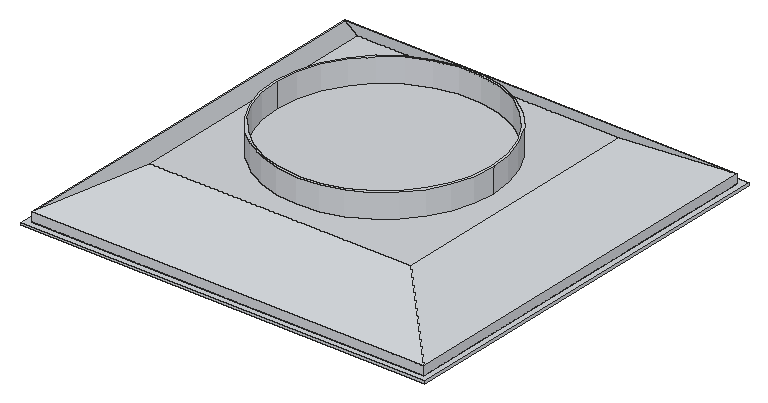
Revit family "PCI", category Air Terminals, Revit 2012
Parameters (values of type "PCI-R-06-24")
  calibre = 1/8"
  URL = "http://www.innes.com.mx"
  RadioI = Radio - 1" / 8  # 6 5/16"
  Radio = A / 2  # 6 7/16"
  Plato = 23 3/4"
  Model = ""
  Minima velocidad de cuello = 300 FPM
  Minima presión estática = 0.03 in-wg
  Máxima velocidad de cuello = 1400 FPM
  Máxima presión estática = 0.267 in-wg
  Máximo nivel de ruido (NC) = "38"
  Min Flow = 0 CFM
  Max Flow = 0 CFM
  Material malla = "Aluminio/Fierro"
  Manufacturer = "INNES"
  Cuello redondo = yes
  Cuello cuadrado = no
  Cuello = "Redondo"
  AI = A - (2" / 8)  # 12 5/8"
  A = 12 7/8"
Reference planes (in)
  plane 1 "Center (Front/Back)": y = 0
  plane 2: z = 0
  plane 3 "Center (Left/Right)": x = 0
  plane 4: y = 11.875
  plane 5: y = -11.875
  plane 6: x = -11.875
  plane 7: x = 11.875
  plane 8: y = 11.5
  plane 9: x = -11.5
  plane 10: x = 11.5
  plane 11: y = -11.5
  plane 12: z = 0.65625
  plane 13 "blend": z = 0.65625
  plane 14: x = -7.65625
  plane 15: x = 7.65625
  plane 16: y = 7.65625
  plane 17: y = -7.65625
  plane 18 "BASE CUELLO": z = 2.875
  plane 19: x = -6.4375
  plane 20: x = 6.4375
  plane 21: y = 6.4375
  plane 22: y = -6.4375
  plane 23: x = -6.3125
  plane 24: x = 6.3125
  plane 25: y = 6.3125
  plane 26: y = -6.3125
Forms (in)
  Blend 1, solid
    base sketch origin (0, 0, 0.65625) x (-1, 0, 0) y (0, -1, 0)
      loop
        line (11.5, -11.5) -> (11.5, 11.5) -> (-11.5, 11.5) -> (-11.5, -11.5) -> (11.5, -11.5)
    top sketch origin (0, 0, 0.65625) x (-1, 0, 0) y (0, -1, 0)
      loop
        line (7.65625, -7.65625) -> (7.65625, 7.65625) -> (-7.65625, 7.65625) -> (-7.65625, -7.65625) -> (7.65625, -7.65625)
    from 0 to 2.21875
  Extrusion 2, solid, visible <- "Cuello cuadrado"
    sketch origin (0, 0, 2.875) x (-1, 0, 0) y (0, -1, 0)
      loop
        line (6.4375, -6.4375) -> (6.4375, 6.4375) -> (-6.4375, 6.4375) -> (-6.4375, -6.4375) -> (6.4375, -6.4375)
    from 0 to 2.03125
  Extrusion 3, void
    sketch origin (0, 0, 2.875) x (-1, 0, 0) y (0, -1, 0)
      loop
        line (6.3125, -6.3125) -> (6.3125, 6.3125) -> (-6.3125, 6.3125) -> (-6.3125, -6.3125) -> (6.3125, -6.3125)
    from 0 to 2.03125
  Extrusion 4, solid, visible <- "Cuello redondo"
    sketch origin (0, 0, 2.875) x (-1, 0, 0) y (0, -1, 0)
      loop
        circle (0, 0) r 6.4375
    from 0 to 1.40625
  Extrusion 5, void
    sketch origin (0, 0, 2.875) x (-1, 0, 0) y (0, -1, 0)
      loop
        circle (0, 0) r 6.3125
    from 0 to 1.40625
  Extrusion 6, solid
    sketch origin (0, 0, 0) x (1, 0, 0) y (0, 1, 0)
      loop
        line (-11.875, 11.875) -> (-11.875, -11.875) -> (11.875, -11.875) -> (11.875, 11.875) -> (-11.875, 11.875)
      loop
        line (-11.5, 11.5) -> (-11.5, -11.5) -> (11.5, -11.5) -> (11.5, 11.5) -> (-11.5, 11.5)
    from 0.12926 to 0
  Extrusion 7, solid, material "Default"
    sketch origin (0, 0, 0) x (1, 0, 0) y (0, 1, 0)
      loop
        line (-11.5, 11.5) -> (-11.5, -11.5) -> (11.5, -11.5) -> (11.5, 11.5) -> (-11.5, 11.5)
    from 0 to 0.12926
  Extrusion 8, solid
    sketch origin (0, 0, 0) x (1, 0, 0) y (0, 1, 0)
      loop
        line (-11.5, 11.5) -> (-11.5, -11.5) -> (11.5, -11.5) -> (11.5, 11.5) -> (-11.5, 11.5)
    from 0.12926 to 0.65625
Cuts and joins
  Extrusion 3 cuts Extrusion 2
  Extrusion 5 cuts Extrusion 4
Dimensions and locks (in)
  equal spacing: plane 4, plane 1 "Center (Front/Back)", plane 5
  equal spacing: plane 6, plane 3 "Center (Left/Right)", plane 7
  "Plato": plane 6 to plane 7
  "Plato": plane 4 to plane 5
  equal spacing: plane 9, plane 3 "Center (Left/Right)", plane 10
  equal spacing: plane 14, plane 3 "Center (Left/Right)", plane 15
  equal spacing: plane 16, plane 1 "Center (Front/Back)", plane 17
  equal spacing: plane 21, plane 1 "Center (Front/Back)", plane 22
  "A": plane 21 to plane 22
  equal spacing: plane 19, plane 3 "Center (Left/Right)", plane 20
  "A": plane 19 to plane 20
  "AI": plane 25 to plane 26
  equal spacing: plane 25, plane 1 "Center (Front/Back)", plane 26
  equal spacing: plane 23, plane 3 "Center (Left/Right)", plane 24
  "AI": plane 23 to plane 24
  "Radio": plane 1 "Center (Front/Back)" to plane 22
  locked: cut or joined group of Extrusion 2, Extrusion 3 to level at 4.90625
  locked: plane 18 "BASE CUELLO" to level at 2.875
  locked: cut or joined group of Extrusion 2, Extrusion 3 to plane 18 "BASE CUELLO" at 2.03125
  locked: plane 13 "blend" to level at 0.65625
  plane 14 to plane 15 = 15 5/16"
  plane 16 to plane 17 = 15 5/16"
  "Radio": radius of Extrusion 4 sketch curve
  "RadioI": radius of Extrusion 5 sketch curve
  aligned and locked: plane 2 to level
  aligned and locked: Extrusion 2 to plane 20
  aligned and locked: plane 19 to Extrusion 2
  aligned and locked: Extrusion 3 sketch curve to plane 25
  aligned and locked: Extrusion 3 sketch curve to plane 23
  aligned and locked: Extrusion 3 sketch curve to plane 26
  aligned and locked: Extrusion 3 sketch curve to plane 24
  aligned and locked: Extrusion 2 to Extrusion 3
  aligned and locked: Extrusion 6 sketch curve to plane 4
  aligned and locked: plane 6 to Extrusion 6 sketch curve
  aligned and locked: plane 5 to Extrusion 6 sketch curve
  aligned and locked: Extrusion 6 sketch curve to plane 7
  aligned and locked: Extrusion 6 sketch curve to Blend 1  (x4)
  aligned and locked: Extrusion 6 to plane 6
  aligned and locked: plane 7 to Extrusion 6
  aligned and locked: plane 4 to Extrusion 6
  aligned and locked: Extrusion 6 to plane 5
  aligned and locked: Extrusion 2 to Blend 1
  aligned and locked: Extrusion 3 to Blend 1
  aligned and locked: plane 18 "BASE CUELLO" to Blend 1
  aligned and locked: Blend 1 sketch curve to plane 16
  aligned and locked: plane 17 to Blend 1 sketch curve
  aligned and locked: Blend 1 sketch curve to plane 15
  aligned and locked: plane 14 to Blend 1 sketch curve
  aligned and locked: Extrusion 7 sketch curve to Blend 1  (x4)
  aligned and locked: Extrusion 6 to level
  aligned and locked: Extrusion 7 to level
  aligned and locked: Extrusion 8 sketch curve to Blend 1  (x4)
  aligned and locked: plane 12 to Extrusion 8
  aligned and locked: Extrusion 8 to Extrusion 6
Automatic sketch dimensions
  plane 8 to Blend 1 sketch curve = 0"
  Blend 1 sketch curve to plane 10 = 0"
  Blend 1 sketch curve to plane 9 = 0"
  Blend 1 sketch curve to plane 11 = 0"
  Extrusion 2 sketch curve to plane 20 = 0"
  plane 19 to Extrusion 2 sketch curve = 0"
  Extrusion 2 sketch curve to plane 21 = 0"
  Extrusion 2 sketch curve to plane 22 = 0"
  plane 1 "Center (Front/Back)" to Extrusion 4 sketch curve = 0"
  plane 3 "Center (Left/Right)" to Extrusion 4 sketch curve = 0"
  plane 1 "Center (Front/Back)" to Extrusion 5 sketch curve = 0"
  plane 3 "Center (Left/Right)" to Extrusion 5 sketch curve = 0"
Connectors (in)
  hvac at (0, 0, 4.90625), driven by "A", driven by "A"
    settings: on cut or joined group of Extrusion 2, Extrusion 3, index 1, duct flow 0 CFM, flow factor 0, pres drop 0.00 in-wg, loss coef 0, conn angle 0.00°, conn width 12 7/8", conn height 12 7/8", conn radius 12", duct sys type 1, conn prof type 1, flow config 0, flow direction 0, loss method 0, conn ref index -1, conn util no, is conn primary yes, conn desc ""
  piping at (0, 0, 4.28125), driven by "Radio"
    settings: on cut or joined group of Extrusion 4, Extrusion 5, index 2, connector radius 6 7/16", flow factor 0, pipe flow 0 GPM, pressure drop 0.00 psi, fitting loss kfactor 0, connector angle 0.00°, fixture units 0, engagement length 0", flow configuration 0, flow direction 0, fitting loss method 0, system type 19, joint type 0, gender type 0, connector reference index -1, connector utility 0, adjustable connector no, is connector primary yes, fitting loss table "", connector description ""
Types in the file's own list only (11): name | RadioI | Radio | Minima velocidad de cuello | Minima presión estática | Máxima velocidad de cuello | Máxima presión estática | Máximo nivel de ruido (NC) | Min Flow | Max Flow | Cuello redondo | Cuello cuadrado | Cuello | AI | A
  PCI-R-08-24 | 3 7/8" | 4" | 300 FPM | 0.02 in-wg | 900 FPM | 0.22 in-wg | "42" | 105 CFM | 315 CFM | Yes | No | "Redondo" | 7 3/4" | 8"
  PCI-R-10-24 | 4 7/8" | 5" | 300 FPM | 0.02 in-wg | 900 FPM | 0.22 in-wg | "44" | 165 CFM | 490 CFM | Yes | No | "Redondo" | 9 3/4" | 10"
  PCI-R-12-24 | 5 7/8" | 6" | 300 FPM | 0.02 in-wg | 900 FPM | 0.22 in-wg | "46" | 235 CFM | 705 CFM | Yes | No | "Redondo" | 11 3/4" | 12"
  PCI-R-14-24 | 6 7/8" | 7" | 300 FPM | 0.02 in-wg | 900 FPM | 0.22 in-wg | "49" | 320 CFM | 960 CFM | Yes | No | "Redondo" | 13 3/4" | 14"
  PCI-R-16-24 | 7 7/8" | 8" | 300 FPM | 0.02 in-wg | 900 FPM | 0.22 in-wg | "51" | 370 CFM | 1100 CFM | Yes | No | "Redondo" | 15 3/4" | 16"
  PCI-C-06-24 | 2 7/8" | 3" | 300 FPM | 0.02 in-wg | 900 FPM | 0.22 in-wg | "39" | 60 CFM | 175 CFM | No | Yes | "Cuadrado" | 5 3/4" | 6"
  PCI-C-08-24 | 3 7/8" | 4" | 300 FPM | 0.02 in-wg | 900 FPM | 0.22 in-wg | "42" | 105 CFM | 315 CFM | No | Yes | "Cuadrado" | 7 3/4" | 8"
  PCI-C-10-24 | 4 7/8" | 5" | 300 FPM | 0.02 in-wg | 900 FPM | 0.22 in-wg | "44" | 165 CFM | 490 CFM | No | Yes | "Cuadrado" | 9 3/4" | 10"
  PCI-C-12-24 | 5 7/8" | 6" | 300 FPM | 0.02 in-wg | 900 FPM | 0.22 in-wg | "46" | 235 CFM | 705 CFM | No | Yes | "Cuadrado" | 11 3/4" | 12"
  PCI-C-14-24 | 6 7/8" | 7" | 300 FPM | 0.02 in-wg | 900 FPM | 0.22 in-wg | "49" | 320 CFM | 1100 CFM | No | Yes | "Cuadrado" | 13 3/4" | 14"
  PCI-C-15-24 | 7 3/8" | 7 1/2" | 0 FPM | 0.02 in-wg | 0 FPM | 0.22 in-wg | "0" | 0 CFM | 0 CFM | No | Yes | "Cuadrado" | 14 3/4" | 15"
